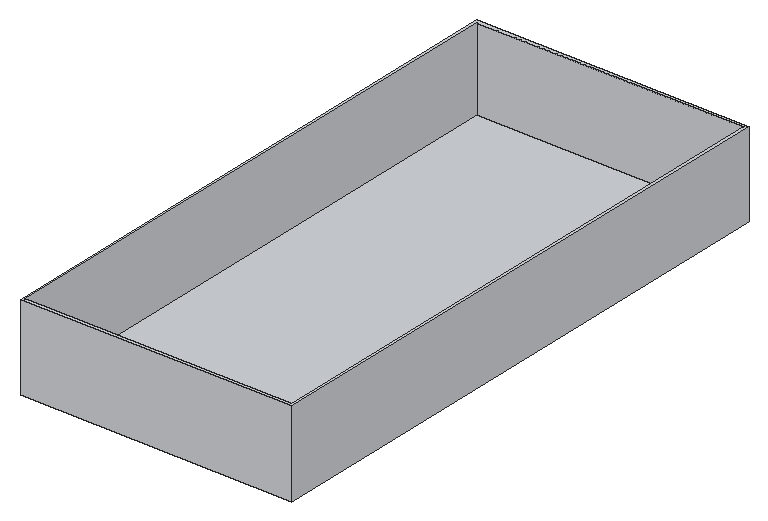
Revit family "Hager-Volta-IP30-Surface_mounted-vide-CH-fr", category Electrical Equipment, host Face, Revit 2020
Family settings
  Host = Face
  Panel Configuration = Two Columns, Circuits Across
  Round Connector Dimension = Use Diameter
  Part Type = Panelboard
  Cut with Voids When Loaded = No
  Shared = No
  Room Calculation Point = No
Parameters (values of type "Saillie IP30 L305 H640 P96.5 12 Modules - VA48MD")
  Width Control [instance] = if([HG000006 - Encastré], if([EF000846 - largeur d'encastrement] > min_whd, [EF000846 - largeur d'encastrement], min_whd), if([EF000008 - largeur] > min_whd, ([EF000008 - largeur]), min_whd))  # 305 mm
  Void Depth [instance] = if([HG000006 - Encastré], Depth Control, 1 mm)  # 1 mm
  Type Comments = [HG000003 - Gamme]  # "Volta"
  System Height [instance] = Height Control - 2 * [HG000005 - Epaisseur]  # 634 mm
  Model = [HG000004 - Référence fabricant]  # "VA48MD"
  HG000017 - Distance entre pôles = 18 mm
  HG000016 - Visibilité de la porte 3D [instance] = yes
  HG000015 - Visibilité de l'emprise de la porte [instance] = no
  HG000014 - Porte à droite [instance] = yes
  HG000013 - Porte à gauche [instance] = not([HG000014 - Porte à droite])  # no
  HG000012 - Angle de pivotement de la porte [instance] = 45.00°
  HG000011 - Rangées du bas vides = no
  HG000010 - Portes asymétriques = no
  HG000009 - Porte à double battant = no
  HG000008 - Nombre de rangées vides = 0
  HG000007 - Nombre de colonnes vides = 0
  HG000006 - Encastré = no
  HG000005 - Epaisseur = 3 mm  # constant formula
  HG000004 - Référence fabricant = "VA48MD"
  HG000003 - Gamme = "Volta"
  HG000002 - avec porte = no
  HG000001 - nombre de colonnes = 0
  EF015941 - porte pour transmission du signal = no
  EF015777 - borne à conducteur neutre = no
  EF015776 - borne de mise à la terre = no
  EF009212 - finition du couvercle = "EV009916 - avec échancrure"
  EF006306 - avec serrure = no
  EF006244 - couvercle/porte transparent(e) = no
  EF005474 - indice de protection (IP) = "EV006410 - IP30"
  EF004462 - type de fermeture = ""
  EF002950 - largeur en nombre de modules = 12
  EF001596 - matériau du boîtier/corps = ""
  EF001134 - rail DIN = no
  EF001131 - profondeur intérieure = 0 mm
  EF001088 - possibilité de montage en saillie = yes
  EF001062 - finition CEM = no
  EF000846 - largeur d'encastrement = 0 mm
  EF000339 - type de capot = "EV000494 - sans"
  EF000332 - hauteur d'encastrement = 0 mm
  EF000266 - nombre de rangées = 0
  EF000218 - profondeur d'encastrement = 0 mm
  EF000118 - avec cadre/support de montage = yes
  EF000116 - numéro RAL = "9010"
  EF000049 - profondeur = 96 mm
  EF000040 - hauteur = 640 mm
  EF000008 - largeur = 305 mm
  EF000007 - couleur = ""
  EF000003 - mode de pose = "EV000384 - saillie"
  Arrow Offset [instance] = Depth Control / 8  # 12 mm
  Arrow Height [instance] = Depth Control - Arrow Offset  # 84 mm
  Host Offset [instance] = if([HG000006 - Encastré], 0 mm, [EF000049 - profondeur])  # 96 mm
  min_whd [instance] = (2 * [HG000005 - Epaisseur]) + 1 mm  # 7 mm
  Manufacturer = "Hager"  # constant formula
  Height Control [instance] = if([HG000006 - Encastré], if([EF000332 - hauteur d'encastrement] > min_whd, [EF000332 - hauteur d'encastrement], min_whd), if([EF000040 - hauteur] > min_whd, ([EF000040 - hauteur]), min_whd))  # 640 mm
  Flush Mounted - Door Frame Width [instance] = if(([EF000040 - hauteur] - [EF000332 - hauteur d'encastrement]) > 0 mm, if([HG000006 - Encastré], [EF000040 - hauteur] - [EF000332 - hauteur d'encastrement], 0 mm), 0 mm)  # 0 mm
  Depth Control [instance] = if([HG000006 - Encastré], if([EF000218 - profondeur d'encastrement] > 0 mm, [EF000218 - profondeur d'encastrement], 1 mm), if([EF000049 - profondeur] > 0 mm, ([EF000049 - profondeur]), 1 mm))  # 96 mm
  Default Elevation = 0 mm
Reference planes
  plane 1 "Center (Front/Back)": y = 0
  plane 2: z = 0
  plane 3 "Center (Left/Right)": x = 0
  plane 4: z = 96
  plane 5: y = 3
  plane 6: z = 91
  plane 7: y = 320
  plane 8: y = 0
  plane 9: y = 640
  plane 10: z = 0
  plane 11: x = -152.5
  plane 12: x = 152.5
  plane 13: x = 149.5
  plane 14: x = -149.5
  plane 15: y = 637
  plane 16: z = 3
  plane 17: z = 93
  plane 18: z = -1
  plane 19: z = 93
Forms (mm)
  Extrusion 1, solid
    sketch origin (-583.045, 0, 1219.2) x (-1, 0, 0) y (0, 0, 1)
      loop
        line (-430.545, -1123.2) -> (-735.545, -1123.2) -> (-735.545, -1219.2) -> (-430.545, -1219.2) -> (-430.545, -1123.2)
    from 0 to 640 <- "Height Control"
  Extrusion 2, void
    sketch origin (-381.607, -4572, 96) x (0, -1, 0) y (-1, 0, 0)
      loop
        line (-5209, -232.107) -> (-5209, -531.107) -> (-4575, -531.107) -> (-4575, -232.107) -> (-5209, -232.107)
    from 0 to 93
  Extrusion 3, void
    sketch origin (0, 0, 0) x (1, 0, 0) y (0, 1, 0)
      loop
        line (-152.5, 0) -> (152.5, 0) -> (152.5, 640) -> (-152.5, 640) -> (-152.5, 0)
    from -1 to 1
  Extrusion 4, solid, detail levels coarse+medium
    sketch origin (-381.607, -4572, 96) x (-1, 0, 0) y (0, -1, 0)
      loop
        line (-232.107, -5209) -> (-232.107, -4575) -> (-531.107, -4575) -> (-531.107, -5209) -> (-232.107, -5209)
    from 0 to -3
Cuts and joins
  Extrusion 2 cuts Extrusion 1
Dimensions and locks
  plane 4 to plane 6 = 5 mm
  "Host Offset": plane 4 to host face
  "Flush Mounted - Door Frame Width": plane 1 "Center (Front/Back)" to plane 8
  "HG000005 - Epaisseur": plane 5 to plane 8
  locked: connector elem to plane 3 "Center (Left/Right)"
  "Height Control": plane 9 to plane 8
  equal spacing: plane 9, plane 7, plane 8
  locked: connector elem to plane 7
  "Depth Control": plane 4 to plane 10
  "HG000005 - Epaisseur": plane 11 to plane 14
  "HG000005 - Epaisseur": plane 12 to plane 13
  equal spacing: plane 11, plane 3 "Center (Left/Right)", plane 12
  "Width Control": plane 11 to plane 12
  "Arrow Offset": nested 4 to plane 10
  "HG000005 - Epaisseur": plane 9 to plane 15
  "HG000005 - Epaisseur": plane 16 to plane 10
  "HG000005 - Epaisseur": plane 4 to plane 17
  "Void Depth": plane 2 to plane 18
  "HG000005 - Epaisseur": plane 4 to plane 19
  aligned and locked: plane 2 to host face
  aligned and locked: level to host face
  aligned and locked: plane 3 "Center (Left/Right)" to nested 2
  aligned and locked: plane 4 to nested 2
  aligned and locked: nested 2 to plane 8
  aligned and locked: nested 1 to plane 6
  aligned and locked: plane 5 to nested 1
  aligned and locked: nested 4 to plane 11
  aligned and locked: nested 3 to plane 4
  aligned and locked: Extrusion 1 sketch curve to plane 12
  aligned and locked: Extrusion 1 sketch curve to plane 11
  aligned and locked: nested 3 to plane 10
  aligned and locked: plane 10 to Extrusion 1 sketch curve
  aligned and locked: plane 5 to Extrusion 2 sketch curve
  aligned and locked: Extrusion 2 sketch curve to plane 15
  aligned and locked: Extrusion 2 sketch curve to plane 14
  aligned and locked: Extrusion 2 sketch curve to plane 13
  aligned and locked: plane 11 to Extrusion 3 sketch curve
  aligned and locked: plane 9 to Extrusion 3 sketch curve
  aligned and locked: Extrusion 3 sketch curve to plane 8
  aligned and locked: plane 12 to Extrusion 3 sketch curve
  aligned and locked: nested 3 to plane 12
  aligned and locked: Extrusion 3 to plane 18
  aligned and locked: Extrusion 2 to plane 16
  aligned and locked: Extrusion 1 sketch curve to plane 4
  aligned and locked: Extrusion 4 to plane 17
  aligned and locked: Extrusion 4 sketch curve to plane 15
  aligned and locked: Extrusion 4 sketch curve to plane 13
  aligned and locked: Extrusion 4 sketch curve to plane 14
  aligned and locked: plane 5 to Extrusion 4 sketch curve
Automatic sketch dimensions
  host sketch curve to host sketch curve = 1469.727 mm
  host sketch curve to host sketch curve = 1434.803 mm
Nested families
  nested 1: "Hager_Enclosure_System" at (0, 3, 91) x (1, 0, 0) z (0, 1, 0), Depth <- "HG000005 - Epaisseur", Height <- "System Height", Width <- "EF000008 - largeur", Border <- "HG000005 - Epaisseur", Flush_Mounted <- "HG000006 - Encastré", Built-in_Width <- "EF000846 - largeur d'encastrement", Row_Module_Multiplicator <- "EF002950 - largeur en nombre de modules", Total_No_Empty_Rows <- "HG000008 - Nombre de rangées vides", Total_No_Rows <- "EF000266 - nombre de rangées", Empty_Columns <- "HG000007 - Nombre de colonnes vides", Width_Control <- "Width Control", Empty_Rows_From_Bottom <- "HG000011 - Rangées du bas vides", Distance_Between_Poles <- "HG000017 - Distance entre pôles", Rows_Count <- "EF000266 - nombre de rangées", Columns_Count <- "HG000001 - nombre de colonnes", type "Hager_Enclosure_System", detail levels fine
    with Width_Control 305 mm, Width 305 mm, Total_No_Rows 0, Total_No_Empty_Rows 0, Total_No_Columns 1, System_Width 299 mm, Rows_Count 0, Rows_Column 0, Row_Module_Multiplicator 12, Panel_4 no, Panel_3 no, Panel_2 no, Panel_1 no, No_Panels_Ctrl 1, Hide_Columns yes, Height 634 mm, Flush_Mounted no, Empty_Rows_From_Bottom no, Empty_Rows_Column 0, Empty_Columns 0, Distance_Between_Poles 18 mm, Depth 3 mm, Columns_Count 0, Column_Width 299 mm, Built-in_Width 0 mm, Border 3 mm
  nested 2: "Hager_Enclosure_Door" at (0, 0, 96) x (1, 0, 0) z (0, 1, 0), Border <- "HG000005 - Epaisseur", Door_Right <- "HG000014 - Porte à droite", Flush_Mounted <- "HG000006 - Encastré", Depth <- "EF000049 - profondeur", Width <- "EF000008 - largeur", Door_Left <- "HG000013 - Porte à gauche", 3d_Door <- "HG000016 - Visibilité de la porte 3D", BuiltIn_Width <- "EF000846 - largeur d'encastrement", BuiltIn_Height <- "EF000332 - hauteur d'encastrement", BuiltIn_Depth <- "EF000218 - profondeur d'encastrement", Angle <- "HG000012 - Angle de pivotement de la porte", Assymetrical <- "HG000010 - Portes asymétriques", Double <- "HG000009 - Porte à double battant", Clearance <- "HG000015 - Visibilité de l'emprise de la porte", Transparent <- "EF006244 - couvercle/porte transparent(e)", Door <- "HG000002 - avec porte", Height_Ctrl <- "Height Control", Width_Ctrl <- "Width Control", Height <- "EF000040 - hauteur", type "Hager_Enclosure_Door", detail levels medium+fine
    with min_wh 7 mm, Width_Ctrl 305 mm, Width 305 mm, Transparent_Door_No_Bottom_Border no, Transparent no, Leaf_Width 296 mm, Leaf_Tolerance 1.5 mm, Leaf_Height 631 mm, Leaf_2_Width 296 mm, Leaf_2_Offset 148 mm, Leaf_1_Width 296 mm, Leaf_1_Offset 148 mm, Height_Ctrl 640 mm, Height 640 mm, Frame_Width_Ctrl 305 mm, Frame_Width 305 mm, Frame_Internal_Offset 0 mm, Frame_Height_Ctrl 640 mm, Frame_Height 640 mm, Frame_Depth_Ctrl 1 mm, Frame_Depth 0 mm, Flush_Mounted no, Double_Clearance_Ctrl no, Double no, Door_Right_Ctrl no, Door_Right yes, Door_Left_Ctrl no, Door_Left no, Door no, Depth 96 mm, Clearance_Depth 296 mm, Clearance_Ctrl no, Clearance no, BuiltIn_Width 0 mm, BuiltIn_Height 0 mm, BuiltIn_Depth 0 mm, Border 3 mm, Assymetrical no, Angle 45.00°, 3d_Door yes
  nested 3: "Hager_Enclosure_Symbol_Triangle" at (-152.5, 0, 0) x (1, 0, 0) z (0, -1, 0), Depth <- "Depth Control", Width <- "Width Control", type "Hager_Enclosure_Symbol_Triangle"
    with Width_Ctrl 305 mm, Width 305 mm, Depth_Ctrl 96 mm, Depth 96 mm
  nested 4: "Hager_Enclosure_Symbol_Arrow" at (-152.5, 0, 12) x (1, 0, 0) z (0, -1, 0), Height <- "Arrow Height", type "Hager_Enclosure_Symbol_Arrow"
    with Width_Inside 6.3 mm, Width 75.6 mm, Height_Ctrl 84 mm, Height 84 mm
Connectors
  electrical at (0, 320, 0)
    settings: on plane 10, index 1, voltage 0 V, apparent load 0 VA, apparent load phase1 0 VA, apparent load phase2 0 VA, apparent load phase3 0 VA, power factor 1, load classification "Other", number of poles 1, system type 30, power factor state 1, is connector primary yes, connector utility no, sub classification motor no, connector description ""
Definition of nested family "Hager_Enclosure_Door"
  Parameters (values of type "Hager_Enclosure_Door")
    min_wh [instance] = (2 * Border) + 1 mm  # 11 mm
    Width_Ctrl [instance] = 400 mm
    Width [instance] = 500 mm
    Transparent_Door_No_Bottom_Border [instance] = no
    Transparent [instance] = yes
    Leaf_Width [instance] = if((Width_Ctrl - 2 * Border - 2 * Leaf_Tolerance) > 0 mm, (Width_Ctrl - 2 * Border - 2 * Leaf_Tolerance), min_wh)  # 387 mm
    Leaf_Tolerance [instance] = 1.5 mm  # constant formula
    Leaf_Height [instance] = if((Height_Ctrl - 2 * Border - 2 * Leaf_Tolerance) > 0 mm, (Height_Ctrl - 2 * Border - 2 * Leaf_Tolerance), min_wh)  # 387 mm
    Leaf_2_Width [instance] = if(and(and(Double, Assymetrical), Door_Left), (Leaf_Width / 3) - (Leaf_Tolerance / 2), if(and(and(Double, Assymetrical), Door_Right), (Leaf_Width / 3) * 2 - (Leaf_Tolerance / 2), if(and(Double, not(Assymetrical)), (Leaf_Width / 2) - Leaf_Tolerance, Leaf_Width)))  # 387 mm
    Leaf_2_Offset [instance] = if(and(Double, Assymetrical), Leaf_2_Width / 2, if(and(Double, not(Assymetrical)), Leaf_Width / 4, Leaf_Width / 2))  # 193.5 mm
    Leaf_1_Width [instance] = if(and(and(Double, Assymetrical), Door_Right), (Leaf_Width / 3) - (Leaf_Tolerance / 2), if(and(and(Double, Assymetrical), Door_Left), (Width / 3) * 2 - (Leaf_Tolerance / 2), if(and(Double, not(Assymetrical)), (Leaf_Width / 2) - Leaf_Tolerance, Leaf_Width)))  # 387 mm
    Leaf_1_Offset [instance] = if(and(Double, Assymetrical), Leaf_1_Width / 2, if(and(Double, not(Assymetrical)), Leaf_Width / 4, Leaf_Width / 2))  # 193.5 mm
    Height_Ctrl [instance] = 400 mm
    Height [instance] = 500 mm
    Frame_Width_Ctrl [instance] = if(Frame_Width > 0 mm, Frame_Width, 1 mm)  # 1 mm
    Frame_Width [instance] = Width - BuiltIn_Width  # 0 mm
    Frame_Internal_Offset [instance] = if(Flush_Mounted, Border, 0 mm)  # 5 mm
    Frame_Height_Ctrl [instance] = if(Frame_Height > 0 mm, Frame_Height, 1 mm)  # 1 mm
    Frame_Height [instance] = Height - BuiltIn_Height  # 0 mm
    Frame_Depth_Ctrl [instance] = if(Frame_Depth > 0 mm, Frame_Depth, 1 mm)  # 1 mm
    Frame_Depth [instance] = if(Depth - BuiltIn_Depth > 0 mm, if(Flush_Mounted, Depth - BuiltIn_Depth, 0 mm), 0 mm)  # 0 mm
    Flush_Mounted [instance] = yes
    Double_Clearance_Ctrl [instance] = and(Double, Clearance)  # no
    Double [instance] = no
    Door_Right_Ctrl [instance] = and(or(Door_Right, Double), Door)  # yes
    Door_Right [instance] = yes
    Door_Left_Ctrl [instance] = and(or(Door_Left, Double), Door)  # no
    Door_Left [instance] = no
    Door [instance] = yes
    Depth [instance] = 500 mm
    Default Elevation = 1219.2 mm
    Clearance_Material = none
    Clearance_Depth [instance] = if(Leaf_1_Width > Leaf_2_Width, Leaf_1_Width, Leaf_2_Width)  # 387 mm
    Clearance_Ctrl [instance] = and(not(Double), Clearance)  # yes
    Clearance [instance] = yes
    BuiltIn_Width [instance] = 500 mm
    BuiltIn_Height [instance] = 500 mm
    BuiltIn_Depth [instance] = 500 mm
    Border [instance] = 5 mm
    Assymetrical [instance] = yes
    Angle [instance] = 30.00°
    3d_Door [instance] = yes
  Reference planes
    plane 1 "Center (Front/Back)": y = 0
    plane 2 "Bottom": z = 0
    plane 3 "Center (Left/Right)": x = 0
    plane 4: z = 400
    plane 5: x = -200
    plane 6: x = 200
    plane 7: z = 395
    plane 8: x = -195
    plane 9: z = 5
    plane 10: x = 195
    plane 11: y = 0
    plane 12: z = 6.5
    plane 13: x = -582
    plane 14: y = -387
    plane 15: x = 582
    plane 16: x = 0
    plane 17: x = 0
    plane 18: x = -193.5
    plane 19: x = 193.5
    plane 20: z = 393.5
  Forms (mm)
    Extrusion 1, solid, visible <- "Flush_Mounted"
      sketch origin (0, 0, 0) x (1, 0, 0) y (0, 0, 1)
        loop
          line (195, 5) -> (195, 395) -> (-195, 395) -> (-195, 5) -> (195, 5)
        loop
          line (-201, 401) -> (-201, -1) -> (201, -1) -> (201, 401) -> (-201, 401)
      from 0 to 1 <- "Frame_Depth_Ctrl"
    Extrusion 2, solid, material <- "Clearance_Material", visible <- "Double_Clearance_Ctrl"
      sketch origin (1200, 0, 0) x (1, 0, 0) y (0, 0, -1)
        loop
          line (-1782, -393.5) -> (-618, -393.5) -> (-618, 0) -> (-1782, 0) -> (-1782, -393.5)
      from 0 to -387
  Dimensions and locks
    equal spacing: plane 5, plane 3 "Center (Left/Right)", plane 6
    "Width_Ctrl": plane 5 to plane 6
    "Border": plane 5 to plane 8
    "Border": plane 6 to plane 10
    "Border": plane 9 to level
    "Border": plane 4 to plane 7
    "Height_Ctrl": plane 4 to level
    "Leaf_Tolerance": plane 12 to plane 9
    "Frame_Depth": plane 11 to plane 1 "Center (Front/Back)"
    "Frame_Width_Ctrl": plane 5 to Extrusion 1 sketch curve
    "Frame_Width_Ctrl": plane 6 to Extrusion 1 sketch curve
    "Frame_Width_Ctrl": Extrusion 1 sketch curve to plane 4
    "Frame_Width_Ctrl": plane 2 "Bottom" to Extrusion 1 sketch curve
    "Leaf_1_Offset": plane 18 to plane 16
    "Leaf_2_Offset": plane 17 to plane 19
    "Leaf_1_Width": plane 13 to plane 8
    "Leaf_2_Width": plane 10 to plane 15
    "Clearance_Depth": plane 14 to plane 1 "Center (Front/Back)"
    "Leaf_Tolerance": plane 8 to plane 18
    "Leaf_Tolerance": plane 19 to plane 10
    "Leaf_Tolerance": plane 7 to plane 20
    "Frame_Internal_Offset": plane 5 to Extrusion 1 sketch curve
    "Frame_Internal_Offset": Extrusion 1 sketch curve to plane 2 "Bottom"
    "Frame_Internal_Offset": plane 6 to Extrusion 1 sketch curve
    "Frame_Internal_Offset": plane 4 to Extrusion 1 sketch curve
    aligned and locked: level to plane 2 "Bottom"
    aligned and locked: nested 1 to plane 16
    aligned and locked: nested 2 to plane 17
    aligned and locked: Extrusion 2 to plane 13
    aligned and locked: plane 15 to Extrusion 2
    aligned and locked: Extrusion 2 to plane 14
    aligned and locked: plane 12 to nested 1
    aligned and locked: nested 2 to plane 12
    aligned and locked: Extrusion 2 to plane 11
    aligned and locked: plane 20 to Extrusion 2
    aligned and locked: nested 2 to plane 11
    aligned and locked: nested 1 to plane 11
  Automatic sketch dimensions
    Extrusion 2 sketch curve to level = 0 mm
    plane 5 to Extrusion 2 sketch curve = 382 mm
    plane 6 to Extrusion 2 sketch curve = 382 mm
    Extrusion 2 sketch curve to plane 4 = 6.5 mm
  Nested families
    nested 1: "Hager_Enclosure_Door_Leaf" at (0, 0, 6.5), Width <- "Leaf_1_Width", visible <- "Door_Left_Ctrl", Leaf_Height <- "Leaf_Height", Angle <- "Angle", Depth <- "Border", 3d_Door <- "3d_Door", Transparent <- "Transparent", Clearance Material <- "Clearance_Material", Clearance <- "Clearance_Ctrl", Transparent_Door_No_Bottom_Border <- "Transparent_Door_No_Bottom_Border", type "Hager_Enclosure_Door_Leaf"
      with Width 387 mm, Transparent_Door_No_Bottom_Border no, Transparent_Door_Border_Bottom_Top 25 mm, Transparent_Door_Border 25 mm, Transparent_Ctrl yes, Transparent yes, Standard no, Leaf_Height 387 mm, Glass_Offset 1 mm, Depth 5 mm, Clearance Material none, Clearance yes, Angle_Ctrl 30.00°, Angle 30.00°, 3d_Door yes
    nested 2: "Hager_Enclosure_Door_Leaf" at (0, 0, 6.5) x (-1, 0, 0) z (0, 0, 1), Width <- "Leaf_2_Width", visible <- "Door_Right_Ctrl", Leaf_Height <- "Leaf_Height", Angle <- "Angle", Depth <- "Border", 3d_Door <- "3d_Door", Transparent <- "Transparent", Clearance Material <- "Clearance_Material", Clearance <- "Clearance_Ctrl", Transparent_Door_No_Bottom_Border <- "Transparent_Door_No_Bottom_Border", type "Hager_Enclosure_Door_Leaf"
      with Width 387 mm, Transparent_Door_No_Bottom_Border no, Transparent_Door_Border_Bottom_Top 25 mm, Transparent_Door_Border 25 mm, Transparent_Ctrl yes, Transparent yes, Standard no, Leaf_Height 387 mm, Glass_Offset 1 mm, Depth 5 mm, Clearance Material none, Clearance yes, Angle_Ctrl 30.00°, Angle 30.00°, 3d_Door yes
  Definition of nested family "Hager_Enclosure_Door_Leaf"
    Parameters (values of type "Hager_Enclosure_Door_Leaf")
      Width [instance] = 2000 mm
      Transparent_Door_No_Bottom_Border [instance] = yes
      Transparent_Door_Border_Bottom_Top [instance] = if(Transparent_Door_No_Bottom_Border, 0.1 mm, Transparent_Door_Border)  # 0.1 mm
      Transparent_Door_Border [instance] = if(Transparent_Door_No_Bottom_Border, (Width * 0.12), 25 mm)  # 240 mm
      Transparent_Ctrl [instance] = and(Transparent, [3d_Door])  # yes
      Transparent [instance] = yes
      Standard [instance] = and(not(Transparent), [3d_Door])  # no
      Leaf_Height [instance] = 2720.336 mm
      Glass_Offset [instance] = if((Depth - 10 mm) / 2 > 0 mm, (Depth - 10 mm) / 2, 1 mm)  # 15 mm
      Glass_Material = none
      Depth [instance] = 40 mm
      Default Elevation = 0 mm
      Clearance Material [instance] = none
      Clearance [instance] = yes
      Angle_Ctrl [instance] = if(Angle > 170.00°, 170.00°, Angle)  # 45.00°
      Angle [instance] = 45.00°
      3d_Door [instance] = yes
    Reference planes
      plane 1 "Center (Front/Back)": y = 0
      plane 2: z = 0
      plane 3 "Center (Left/Right)": x = 0
      plane 4: y = 2000
      plane 5: x = -1000
      plane 6: x = 1000
      plane 7: x = -3000
      plane 8: z = 2720.336
      plane 9: z = 0.1
      plane 10: z = 2720.236
      plane 11: x = 760
      plane 12: x = -760
    Forms (mm)
      Extrusion 1, solid, material <- "Clearance Material", visible <- "Clearance"
        sketch origin (0, 0, 0) x (1, 0, 0) y (0, 0, 1)
          loop
            line (-3000, 2720.336) -> (-3000, 0) -> (1000, 0) -> (1000, 2720.336) -> (-3000, 2720.336)
        from 0 to -2000
      Extrusion 2, solid, visible <- "Standard", detail levels medium+fine
        sketch origin (-1000, 0, 0) x (0.707107, 0.707107, 0) y (-0.707107, 0.707107, 0)
          loop
            line (0, -40) -> (2000, -40) -> (2000, 0) -> (0, 0) -> (0, -40)
        from 0 to 2720.336 <- "Leaf_Height"
      Extrusion 3, solid, visible <- "Transparent_Ctrl", detail levels medium+fine
        sketch origin (-1000, 0, 0) x (0.707107, 0.707107, 0) y (-0.707107, 0.707107, 0)
          loop
            line (0, -40) -> (2000, -40) -> (2000, 0) -> (0, 0) -> (0, -40)
        from 0 to 2720.336 <- "Leaf_Height"
      Extrusion 4, void, detail levels medium+fine
        sketch origin (-1000, 0, 0) x (-0.707107, 0.707107, 0) y (0.707107, 0.707107, 0)
          loop
            line (0, 240) -> (0, 1760) -> (-40, 1760) -> (-40, 240) -> (0, 240)
        from -2720.236 to -0.1
      Extrusion 5, solid, material <- "Glass_Material", visible <- "Transparent_Ctrl", detail levels medium+fine
        sketch origin (-1000, 0, 0) x (0.707107, 0.707107, 0) y (-0.707107, 0.707107, 0)
          loop
            line (240, -15) -> (240, -25) -> (1760, -25) -> (1760, -15) -> (240, -15)
        from 0.1 to 2720.236
    Cuts and joins
      Extrusion 4 cuts Extrusion 3
    Lines and regions (mm)
      symbolic lines
        curve 1: line (1000, 0, 0) -> (-3000, 0, 0)
        curve 2: arc (1000, 0, 0) -> (-1000, 2000, 0) -> (-3000, 0, 0) r 2000
        curve 4: line (-1000, 0, 0) -> (414.214, 1414.214, 0)
      reference lines
        curve 3: line (-1000, 0, 0) -> (414.214, 1414.214, 0)
      symbolic lines, detail levels medium+fine
        curve 5: line (414.214, 1414.214, 0) -> (442.498, 1385.929, 0)
        curve 6: line (442.498, 1385.929, 0) -> (-971.716, -28.284, 0)
        curve 7: line (-971.716, -28.284, 0) -> (-1000, 0, 0)
        curve 8: line (-1000, 0, 2720.336) -> (1000, 0, 2720.336)
        curve 9: line (-1000, 0, 0) -> (-1000, 0, 2720.336)
        curve 10: line (1000, 0, 0) -> (-1000, 0, 0)
        curve 11: line (1000, 0, 2720.336) -> (1000, 0, 0)
      symbolic lines, visible <- "Transparent_Ctrl", detail levels medium+fine
        curve 12: line (-760, 0, 2720.236) -> (760, 0, 2720.236)
        curve 13: line (-760, 0, 0.1) -> (-760, 0, 2720.236)
        curve 14: line (760, 0, 0.1) -> (-760, 0, 0.1)
        curve 15: line (760, 0, 2720.236) -> (760, 0, 0.1)
    Dimensions and locks
      "Width": plane 1 "Center (Front/Back)" to plane 4
      equal spacing: plane 5, plane 3 "Center (Left/Right)", plane 6
      "Width": plane 5 to plane 6
      "Width": plane 7 to plane 5
      "Leaf_Height": plane 8 to level
      "Depth": curve 6 to curve 3
      "Width": curve 5 to curve 3
      "Width": curve 3 to curve 3
      "Transparent_Door_Border": Extrusion 4 sketch curve to curve 7
      "Transparent_Door_Border": Extrusion 4 sketch curve to curve 5
      "Transparent_Door_Border_Bottom_Top": plane 8 to plane 10
      "Transparent_Door_Border_Bottom_Top": plane 9 to level
      "Glass_Offset": Extrusion 5 sketch curve to curve 4
      "Glass_Offset": Extrusion 5 sketch curve to curve 6
      "Transparent_Door_Border": Extrusion 5 sketch curve to curve 5
      "Transparent_Door_Border": Extrusion 5 sketch curve to curve 7
      "Transparent_Door_Border": plane 12 to plane 5
      "Transparent_Door_Border": plane 6 to plane 11
      "Angle_Ctrl": angle plane 1 "Center (Front/Back)" to curve 3
      aligned and locked: level to plane 2
      aligned and locked: Extrusion 1 to curve 1
      aligned and locked: plane 6 to Extrusion 1
      aligned and locked: Extrusion 1 to plane 1 "Center (Front/Back)"
      aligned and locked: plane 4 to Extrusion 1
      aligned and locked: plane 8 to Extrusion 1
      aligned and locked: curve 4 to curve 3
      aligned and locked: Extrusion 2 sketch curve to curve 7
      aligned and locked: Extrusion 2 sketch curve to curve 6
      aligned and locked: Extrusion 2 sketch curve to curve 5
      aligned and locked: Extrusion 2 sketch curve to curve 3
      aligned and locked: curve 7 to Extrusion 3 sketch curve
      aligned and locked: Extrusion 3 sketch curve to curve 4
      aligned and locked: Extrusion 3 sketch curve to curve 6
      aligned and locked: Extrusion 3 sketch curve to curve 5
      aligned and locked: curve 4 to Extrusion 4 sketch curve
      aligned and locked: curve 6 to Extrusion 4 sketch curve
      aligned and locked: Extrusion 4 to plane 9
      aligned and locked: Extrusion 4 to plane 10
      aligned and locked: Extrusion 5 to plane 9
      aligned and locked: Extrusion 5 to plane 10
      aligned and locked: curve 8 to plane 8
      aligned and locked: plane 5 to curve 9
      aligned and locked: plane 2 to curve 10
      aligned and locked: curve 11 to plane 6
      aligned and locked: plane 10 to curve 12
      aligned and locked: plane 12 to curve 13
      aligned and locked: curve 14 to plane 9
      aligned and locked: plane 11 to curve 15
    Automatic sketch dimensions
      plane 1 "Center (Front/Back)" to curve 2 = 0 mm
      curve 2 to plane 5 = 0 mm
      Extrusion 1 sketch curve to level = 0 mm
      Extrusion 1 sketch curve to plane 7 = 0 mm
      Extrusion 1 sketch curve to plane 6 = 0 mm
      Extrusion 1 sketch curve to plane 8 = 0 mm
      plane 1 "Center (Front/Back)" to curve 3 = 0 mm
      curve 3 to plane 5 = 0 mm
      curve 7 to curve 3 = 0 mm
Definition of nested family "Hager_Enclosure_Symbol_Triangle"
  Parameters (values of type "Hager_Enclosure_Symbol_Triangle")
    Width_Ctrl [instance] = if(Width > 1 mm, Width, 1 mm)  # 498 mm
    Width [instance] = 498 mm
    Depth_Ctrl [instance] = if(Depth > 1 mm, Depth, 1 mm)  # 72 mm
    Depth [instance] = 72 mm
  Reference planes
    plane 1 "Centre (avant/arrière)": y = 0
    plane 2: z = 0
    plane 3 "Centre (gauche/droite)": x = 0
  Lines and regions (mm)
    Filled region 1, type "Solid_Black", in view "Niveau de réf."
      outline origin (0, 0, 0) x (1, 0, 0) y (0, 1, 0)
        loop
          line (0, 0) -> (498, 0) -> (498, 72) -> (0, 0)
    reference lines, in view "Niveau de réf."
      curve 1: line (-206.153, 72, 0) -> (1083.258, 72, 0)
      curve 2: line (498, 405.456, 0) -> (498, -517.619, 0)
  Dimensions and locks
    "Depth_Ctrl": plane 1 "Centre (avant/arrière)" to curve 1
    "Width_Ctrl": plane 3 "Centre (gauche/droite)" to curve 2
    aligned and locked: curve 1 to Filled region 1 sketch curve
    aligned and locked: Filled region 1 sketch curve to plane 1 "Centre (avant/arrière)"
    aligned and locked: curve 2 to Filled region 1 sketch curve
    aligned and locked: plane 3 "Centre (gauche/droite)" to Filled region 1 sketch curve
    aligned and locked: plane 1 "Centre (avant/arrière)" to Filled region 1 sketch curve
  Automatic sketch dimensions
    curve 1 to plane 3 "Centre (gauche/droite)" = 206.153 mm
    curve 2 to curve 1 = 585.258 mm
    plane 1 "Centre (avant/arrière)" to curve 2 = 517.619 mm
    curve 2 to plane 1 "Centre (avant/arrière)" = 405.456 mm
Definition of nested family "Hager_Enclosure_Symbol_Arrow"
  Parameters (values of type "Hager_Enclosure_Symbol_Arrow")
    Width_Inside [instance] = if(Width / 12 > 2 mm, Width / 12, 2 mm)  # 4.987 mm
    Width [instance] = if(Height_Ctrl * 0.9 > 2 mm, Height_Ctrl * 0.9, 2 mm)  # 59.85 mm
    Height_Ctrl [instance] = if(Height > 2 mm, Height, 2 mm)  # 66.5 mm
    Height [instance] = 66.5 mm
  Reference planes
    plane 1 "Centre (avant/arrière)": y = 0
    plane 2: z = 0
    plane 3 "Centre (gauche/droite)": x = 0
    plane 4: x = 59.85
    plane 5: y = 28.263
    plane 6: y = 38.238
    plane 7: y = 66.5
    plane 8: x = 29.925
    plane 9: y = 33.25
  Lines and regions (mm)
    Filled region 1, type "Solid_Black", in view "Niveau de réf."
      outline origin (0, 0, 0) x (1, 0, 0) y (0, 1, 0)
        loop
          line (59.85, 66.5) -> (37.929, 52.827) -> (51.846, 41.935) -> (59.85, 66.5)
    detail lines, in view "Niveau de réf."
      curve 1: line (0, 0, 0) -> (29.925, 38.238, 0)
      curve 2: line (29.925, 38.238, 0) -> (29.925, 28.263, 0)
      curve 3: line (29.925, 28.263, 0) -> (59.85, 66.5, 0)
  Dimensions and locks
    "Width": plane 3 "Centre (gauche/droite)" to plane 4
    "Height_Ctrl": plane 7 to plane 1 "Centre (avant/arrière)"
    equal spacing: plane 3 "Centre (gauche/droite)", plane 8, plane 4
    equal spacing: plane 7, plane 9, plane 1 "Centre (avant/arrière)"
    equal spacing: plane 6, plane 9, plane 5
    "Width_Inside": plane 6 to plane 9
    equal spacing: curve 3, Filled region 1 sketch curve, Filled region 1 sketch curve
    angle Filled region 1 sketch curve to curve 3 = 20.00°
    angle curve 3 to Filled region 1 sketch curve = 20.00°
    locked: curve 3 to Filled region 1 sketch curve (angle 90.00°)
  Automatic sketch dimensions
    plane 1 "Centre (avant/arrière)" to curve 1 = 0 mm
    curve 1 to plane 3 "Centre (gauche/droite)" = 0 mm
    curve 2 to plane 6 = 0 mm
    curve 3 to plane 8 = 0 mm
    curve 3 to plane 4 = 0 mm
    curve 2 to plane 5 = 0 mm
    curve 3 to plane 7 = 0 mm
    Filled region 1 sketch curve to plane 4 = 0 mm
    Filled region 1 sketch curve to plane 7 = 0 mm
